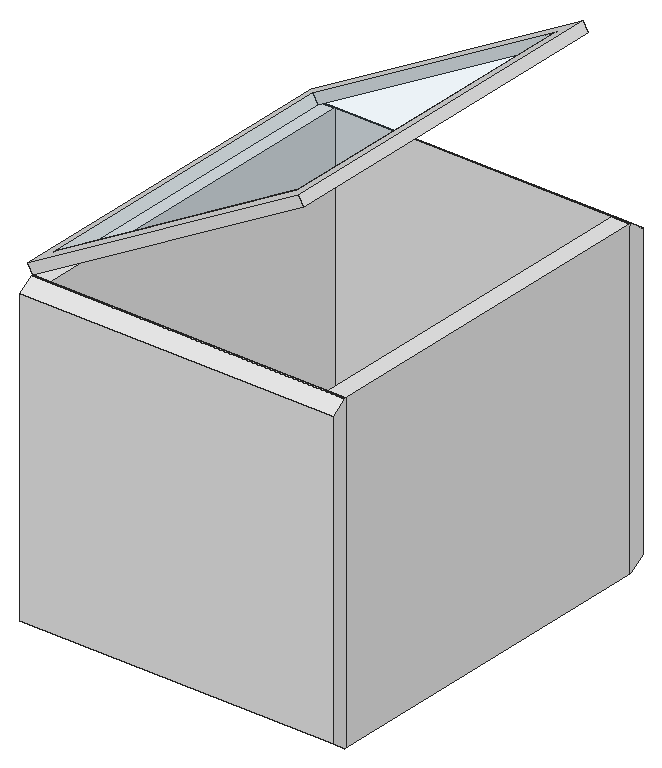
Revit family "Domotics-CablaggioStrutturato-GEWISS-QUADRI_PARETE_19_15U_P600", category Apparecchi elettrici, host Superficie, Revit 2019
Family settings
  Host = Superficie
  Mantenere orientamento annotazione = Sì
  Quota connettore circolare = Usa diametro
  Tipo di parte = Normale
  Taglio con vuoti quando caricato = No
  Condiviso = No
  Punto di calcolo locali = Sì
Parameters (values of type "GW38419 - QUADRO DA PARETE 19 15U P=600MM.")
  simbolo in pianta [instance] = yes
  n_poli = 1
  Visibilità sportello [instance] = yes
  Versione file RFA = "21.2"
  UnitÃ  di cablaggio = "15 U"
  URL = "https://www.gewiss.com/it/it"
  Tipologia porta = "Reversibile"
  Scheda Tecnica = "https://www.gewiss.com/it/it/search?q=GW38419"
  SEO = "Quadro"
  Prospetto di default = 900 mm
  ProfonditÃ  (mm) = "600 mm"
  Produttore = "GEWISS S.p.A."
  Potenza quadro = 0 V
  Portata statica = "50KG"
  Nome quadro [instance] = "n.quadro"
  N. montanti = "2"
  Modello = "GW38419"
  Materiale = "Acciaio"
  Immagine tipo = B.jpg
  IDT = "875adcc69f394db3bb3f37c4bdb18b0a"
  IDF = "ec2be5c7-9306-4a13-a597-c4838f5a08bf"
  Grado di protezione = "IP20"
  Finitura = "Bucciata"
  Distanza_x [instance] = -380.34 mm
  Distanza simbolo [instance] = 0.5 mm
  Distanza effettiva x [instance] = 1000 mm - Distanza_x  # 1380.34 mm
  Dim. esterne BxHxP (mm) = "600x740x600"
  Descrizione = "QUADRO DA PARETE 19 15U P=600MM."
  Creato da GEWISS S.p.A. = ""
  Colore = "Grigio (RAL 7035)"
  Codice Electrocod = "3752"
  Categoria = "Quadro da parete 19\""
  Catalogo = "DOMOTICS"
  COBie.Tagnumber = ""
  COBie.CreatedOn = ""
  COBie.CreatebBy = ""
  COBie.ComponentRegisterItemID = ""
  COBie.Component.TagNumber = ""
  COBie.Component.Space = ""
  COBie.Component.SerialNumber = ""
  COBie.Component.InstallationDate = ""
  COBie.Component.Description = ""
  COBie.Component.BarCode = ""
  Apertura porta = "180°"
  Apertura [instance] = 30.00°
Reference planes
  plane 1 "Centro (Fronte/Retro)": y = 0
  plane 2: z = 0
  plane 3 "Centro (Sinistra/Destra)": x = 0
  plane 4: x = -1380.34
  plane 5: x = 0
Forms (mm)
  Extrusion 1, solid, detail levels coarse
    sketch origin (0, 0, 0) x (1, 0, 0) y (0, 1, 0)
      loop
        line (-10, 744) -> (-10, -4.25) -> (600, -4.25) -> (600, 744) -> (-10, 744)
    from 0 to 600
Dimensions and locks
  plane 4 to plane 3 "Centro (Sinistra/Destra)" = 1380.34 mm
  "Distanza effettiva x": plane 4 to plane 5
  aligned and locked: host face to plane 2
  aligned and locked: host face to level
  aligned and locked: nested 1 to plane 5
  aligned and locked: plane 3 "Centro (Sinistra/Destra)" to nested 2
  aligned and locked: plane 1 "Centro (Fronte/Retro)" to nested 2
  aligned and locked: Extrusion 1 sketch curve to nested 2  (x3)
  aligned and locked: Extrusion 1 to nested 2
Automatic sketch dimensions
  host sketch curve to host sketch curve = 3398.537 mm
  host sketch curve to host sketch curve = 3619.2 mm
  Extrusion 1 sketch curve to plane 3 "Centro (Sinistra/Destra)" = 10 mm
Nested families
  nested 1: "DATACENTERsimbolo" at (0, 911.19, 0), Distanza dal muro <- "Distanza simbolo", SIMBOLO ACCESO <- "simbolo in pianta", visible <- "simbolo in pianta", type "3P"
    with SIMBOLO ACCESO yes, Distanza dal muro 0.5 mm
  nested 2: "QUADRO DA PARETE 19 15U P_600MM_base" at (0, 0, 0), Visibilità sportello <- "Visibilità sportello", type "QUADRO DA PARETE 19 15U P_600MM_base", detail levels medium+fine
Connectors
  electrical at (300, 740, 300), driven by "n_poli", driven by "Potenza quadro"
    settings: on nested 2, index 1, voltage 0 V, apparent load 0 VA, apparent load phase1 0 VA, apparent load phase2 0 VA, apparent load phase3 0 VA, power factor 1, load classification "Altro", number of poles 1, system type 31, power factor state 1, is connector primary yes, connector utility no, sub classification motor no, connector description ""
Definition of nested family "QUADRO DA PARETE 19 15U P_600MM_base"
  Parameters (values of type "QUADRO DA PARETE 19 15U P_600MM_base")
    s = 30.00°
    d_piano = 0 mm
    Visibilità sportello [instance] = yes
    Vetro = none
    Struttura = none
    Sportlello = none
    Profondità quadro = 600 mm  # constant formula
    Larghezza quadro = 600 mm  # constant formula
    Altezza quadro = 740 mm  # constant formula
  Reference planes
    plane 1 "Centro (Fronte/Retro)": y = 0
    plane 2: z = 0
    plane 3 "Centro (Sinistra/Destra)": x = 0
    plane 4: z = 0
    plane 5: z = 26
    plane 6: z = 576
    plane 7: z = 600
    plane 8 "posizione": y = 30
    plane 9: y = 710
    plane 10: y = 740
    plane 11: x = 600
    plane 12: x = 34
    plane 13: x = 566
    plane 14: y = -4.25
    plane 15: y = 744
    plane 16: z = 575.1
    plane 17: z = 545.6
    plane 18: x = 69.137
    plane 19: z = 57.064
    plane 20: z = 555.625
  Forms (mm)
    Extrusion 1, solid, material <- "Struttura"
      sketch origin (0, 0, 0) x (0, 1, 0) y (0, 0, 1)
        loop
          line (30, 600) -> (30, 0) -> (710, 0) -> (710, 600) -> (30, 600)
      from 0 to 34
    Extrusion 2, solid, material <- "Struttura"
      sketch origin (612, 0, 0) x (0, 1, 0) y (0, 0, -1)
        loop
          line (30, -600) -> (710, -600) -> (710, 0) -> (30, 0) -> (30, -600)
      from 12 to 46
    Extrusion 3, solid, material <- "Struttura"
      sketch origin (0, 0, 0) x (0, 1, 0) y (0, 0, 1)
        loop
          line (30, 0) -> (30, 600) -> (27.558, 600) -> (0, 580.704) -> (0, 19.296) -> (27.558, 0) -> (30, 0)
        loop
          line (710, 0) -> (712.442, 0) -> (740, 19.296) -> (740, 580.704) -> (712.442, 600) -> (710, 600) -> (710, 0)
      from 0 to 600
    Extrusion 4, solid, material <- "Struttura"
      sketch origin (0, 0, 0) x (1, 0, 0) y (0, 1, 0)
        loop
          line (34, 710) -> (34, 30) -> (566, 30) -> (566, 710) -> (34, 710)
      from 0 to 26
    Extrusion 5, solid, material <- "Sportlello", visible <- "Visibilità sportello"
      sketch origin (731.334, 0, 1022.236) x (-0.866025, 0, -0.5) y (0, -1, 0)
        loop
          line (844.471, -30) -> (244.471, -30) -> (244.471, -710) -> (844.471, -710) -> (844.471, -30)
        loop
          line (274.471, -680) -> (814.471, -680) -> (814.471, -60) -> (274.471, -60) -> (274.471, -680)
      from 0 to 20
    Extrusion 6, solid, material <- "Vetro", visible <- "Visibilità sportello"
      sketch origin (731.334, 0, 1022.236) x (-0.866025, 0, -0.5) y (0, -1, 0)
        loop
          line (814.471, -60) -> (274.471, -60) -> (274.471, -680) -> (814.471, -680) -> (814.471, -60)
      from 0 to 20
  Lines and regions (mm)
    reference lines
      curve 1: line (731.334, 0, 1022.236) -> (0, 0, 600)
  Dimensions and locks
    locked: plane 5 to plane 4 at 26
    locked: plane 7 to plane 6 at 24
    "Profondità quadro": plane 7 to plane 4
    "d_piano": plane 4 to plane 2
    locked: plane 1 "Centro (Fronte/Retro)" to plane 8 "posizione" at 30
    locked: plane 9 to plane 10 at 30
    "Altezza quadro": plane 1 "Centro (Fronte/Retro)" to plane 10
    "Larghezza quadro": plane 3 "Centro (Sinistra/Destra)" to plane 11
    locked: plane 3 "Centro (Sinistra/Destra)" to plane 12 at 34
    locked: plane 13 to plane 11 at 34
    plane 9 to Extrusion 2 = 680 mm
    locked: plane 14 to plane 1 "Centro (Fronte/Retro)" at 4.25
    locked: plane 10 to plane 15 at 4
    locked: plane 17 to plane 16 at 29.5
    locked: plane 16 to plane 7 at 24.9
    locked: plane 19 to plane 5 at 31.064
    plane 3 "Centro (Sinistra/Destra)" to Extrusion 4 = 566 mm
    locked: Extrusion 5 sketch curve to curve 1 at 30
    "Larghezza quadro": Extrusion 5 sketch curve to Extrusion 5 sketch curve
    locked: Extrusion 5 sketch curve to Extrusion 5 sketch curve at 30  (x4)
    "s": angle plane 7 to curve 1
    aligned and locked: Extrusion 1 sketch curve to plane 7
    aligned and locked: Extrusion 1 sketch curve to plane 4
    aligned and locked: Extrusion 1 sketch curve to plane 8 "posizione"
    aligned and locked: Extrusion 1 sketch curve to plane 9
    aligned and locked: Extrusion 1 to plane 3 "Centro (Sinistra/Destra)"
    aligned and locked: plane 12 to Extrusion 1
    aligned and locked: plane 13 to Extrusion 2
    aligned and locked: Extrusion 2 to plane 11
    aligned and locked: Extrusion 2 to plane 4
    aligned and locked: plane 7 to Extrusion 2
    aligned and locked: Extrusion 3 sketch curve to plane 8 "posizione"
    aligned and locked: Extrusion 3 sketch curve to plane 7  (x2)
    aligned and locked: Extrusion 3 sketch curve to plane 1 "Centro (Fronte/Retro)"
    aligned and locked: Extrusion 3 sketch curve to plane 10
    aligned and locked: Extrusion 3 sketch curve to plane 9
    aligned and locked: Extrusion 3 sketch curve to plane 4
    aligned and locked: Extrusion 3 to plane 3 "Centro (Sinistra/Destra)"
    aligned and locked: Extrusion 3 to plane 11
    aligned and locked: Extrusion 4 sketch curve to plane 12
    aligned and locked: Extrusion 4 sketch curve to plane 9
    aligned and locked: Extrusion 4 sketch curve to plane 8 "posizione"
    aligned and locked: Extrusion 4 sketch curve to plane 13
    aligned and locked: plane 5 to Extrusion 4
    aligned and locked: Extrusion 4 to plane 4
    aligned and locked: curve 1 to Extrusion 3
    aligned and locked: Extrusion 6 sketch curve to Extrusion 5  (x3)
    aligned and locked: Extrusion 5 sketch curve to Extrusion 3
  Automatic sketch dimensions
    plane 7 to Extrusion 2 sketch curve = 0 mm
    Extrusion 2 sketch curve to plane 8 "posizione" = 0 mm
    Extrusion 2 sketch curve to plane 4 = 0 mm
    Extrusion 2 sketch curve to plane 9 = 0 mm
    plane 8 "posizione" to Extrusion 3 sketch curve = 2.442 mm  (x2)
    Extrusion 3 sketch curve to plane 9 = 2.442 mm  (x2)
    Extrusion 3 sketch curve to plane 5 = 6.704 mm  (x2)
    plane 6 to Extrusion 3 sketch curve = 4.704 mm  (x2)
    Extrusion 3 sketch curve to plane 4 = 0 mm
    Extrusion 6 sketch curve to curve 1 = 30 mm
    Extrusion 5 sketch curve to curve 1 = 0 mm
    curve 1 to plane 3 "Centro (Sinistra/Destra)" = 0 mm
    curve 1 to plane 7 = 0 mm
Definition of nested family "DATACENTERsimbolo"
  Parameters (values of type "3P")
    SIMBOLO ACCESO [instance] = yes
    Distanza dal muro [instance] = 0 mm
  Reference planes
    plane 1: y = 0
    plane 2: x = 0
  Dimensions and locks
    "Distanza dal muro": plane 1 to nested 1
    aligned and locked: plane 2 to nested 1
  Nested families
    nested 1: "DATACENTERsimbolo.base" at (0, 0, 0), type "3P"
      with CORNICE SIMBOLO yes
  Definition of nested family "DATACENTERsimbolo.base"
    Parameters (values of type "3P")
      Testo = ""
      CORNICE SIMBOLO [instance] = yes
      3P = yes
    Reference planes
      plane 1: y = 0
      plane 2: x = 0
    Lines and regions (mm)
      detail lines
        curve 1: line (6.852, 3.426, 0) -> (8.859, 3.426, 0)
        curve 2: line (8.859, 3.426, 0) -> (8.859, 0, 0)
        curve 3: line (8.859, 0, 0) -> (6.852, 0, 0)
        curve 4: line (6.852, 0, 0) -> (0, 3.426, 0)
        curve 5: line (0, 3.426, 0) -> (3.027, 3.426, 0)
        curve 6: line (3.027, 3.426, 0) -> (6.852, 3.426, 0)
        curve 7: line (6.852, 3.426, 0) -> (6.852, 0, 0)
        curve 8: line (6.852, 0, 0) -> (0, 0, 0)
        curve 9: line (0, 0, 0) -> (0, 3.426, 0)
        curve 10: line (7.856, 1.713, 0) -> (7.856, 2.67, 0)
        curve 11: line (8.526, 0.756, 0) -> (8.526, 1.713, 0)
        curve 12: line (8.526, 1.713, 0) -> (7.185, 1.713, 0)
        curve 13: line (7.185, 1.713, 0) -> (7.185, 0.756, 0)
    Text (mm)
      label "RJ" at (7.87, 1.29, 0), shows "Testo"
    Nested families
      nested 1: "testo_simb" at (7.89, 1.134, 0), type "3P"
        with SIMBOLO ACCESO yes, Distanza dal muro 0 mm
      nested 2: "testo_simb" at (7.855, 0, 0), type "3P"
        with SIMBOLO ACCESO yes, Distanza dal muro 0 mm
      nested 3: "testo_simb" at (7.855, 0, 0), type "3P"
        with SIMBOLO ACCESO yes, Distanza dal muro 0 mm
      nested 4: "testo_simb" at (7.855, 0, 0), type "3P"
        with SIMBOLO ACCESO yes, Distanza dal muro 0 mm
      nested 5: "testo_simb" at (7.855, 0, 0), type "3P"
        with SIMBOLO ACCESO yes, Distanza dal muro 0 mm
    Definition of nested family "testo_simb"
      Parameters (values of type "3P")
        testo simb = ""
        SIMBOLO ACCESO [instance] = yes
        Distanza dal muro [instance] = 0 mm
      Reference planes
        plane 1: y = 0
        plane 2: x = 0
      Text (mm)
        label "RJ" at (0.02, 0.123, 0), shows "testo simb"
